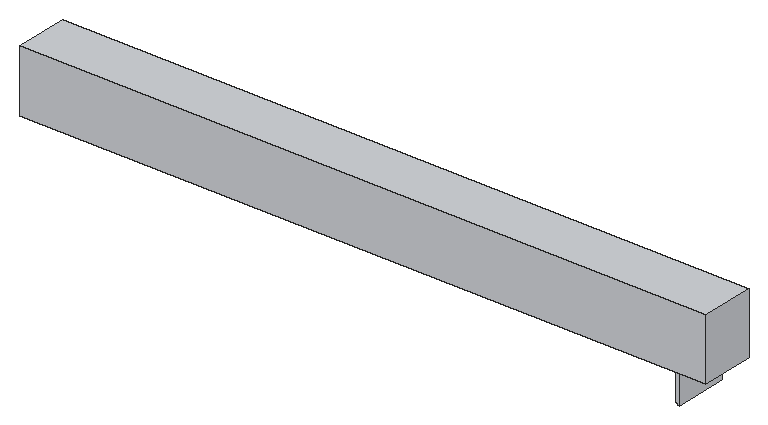
Revit family "Перемычки_ПБ", category Каркас несущий, Revit 2021
Family settings
  Форма сечения = Не задано
  Материал для поведения модели = Прочее
  Всегда экспортировать в виде геометрии = Нет
  Номер OmniClass = 23.25.30.21.14
  Заголовок OmniClass = Trussed Beams and Joists
  На основе рабочей плоскости = Нет
  Всегда вертикально = Да
  При загрузке вырезать с полостями = Да
  Условное обозначение = Из семейства
  Общий = Нет
  Показывать семейство разрезанным на планах = Да
Parameters (values of type "test")
  Отступ от 6 до 7 = 130 mm
  Отступ от 5 до 6 = 130 mm
  Отступ от 4 до 5 = 130 mm
  Отступ от 3 до 4 = 130 mm
  Structural Material [instance] = (empty or 0)
  Длина перемычки = 1350 mm
  Длина опорного уголка = 120 mm
  Опорный уголок = Перемычки_Уголок_Опора (ГОСТ 8509-93) : 100х100х8
  Опорный уголок справа = yes
  Опорный уголок слева = no
  Смещение ПР1 по высоте = 0 mm
  Отступ от края уголка = 0 mm
  Отступ от 2 до 3 = 130 mm
  Отступ от 1 до 2 = 130 mm
  Линия обозначения.Отступ = Отступ от 1 до 2 * Количество перемычек - 10 mm  # 120 mm
  Отступ до 1 = 50 mm
  Количество перемычек = 1
  Группа модели = "Перемычки"  # constant formula
  Глубина видимости от низа перемычки вверх [instance] = 405 mm
  Глубина видимости от низа перемычки [instance] = 405 mm
  7ПР.Видимость = Количество перемычек > 6  # no
  7ПР = Перемычки (ГОСТ 948-2016) : 3ПБ 18-37-П
  6ПР.Видимость = Количество перемычек > 5  # no
  6ПР = Перемычки (ГОСТ 948-2016) : 3ПБ 13-37-П
  5ПР.Видимость = Количество перемычек > 4  # no
  5ПР = Перемычки (ГОСТ 948-2016) : 2ПБ 16-2-П
  4ПР.Видимость = Количество перемычек > 3  # no
  4ПР = Перемычки (ГОСТ 948-2016) : 2ПБ 13-1-П
  3ПР.Видимость = Количество перемычек > 2  # no
  3ПР = Перемычки (ГОСТ 948-2016) : 2ПБ 16-2-П
  2ПР.Видимость = Количество перемычек > 1  # no
  2ПР = Перемычки (ГОСТ 948-2016) : 2ПБ 16-2-П
  1ПР.Видимость = Количество перемычек > 0  # yes
  1ПР = Перемычки (ГОСТ 948-2016) : 2ПБ 16-2-П
Reference planes
  plane 1 "По центру (Вперед/Назад)": y = 0
  plane 2: z = 0
  plane 3 "По центру (Влево/Вправо)": x = 0
  plane 4: y = -180
  plane 5: y = -310
  plane 6: y = -440
  plane 7: y = -570
  plane 8: y = -700
  plane 9: y = -830
  plane 10: z = -405
  plane 11: y = -50
  plane 12: x = -675
  plane 13: x = 675
  plane 14: y = -50
  plane 15: y = -159.676
  plane 16 "У.о.": y = -430
  plane 17: z = 405
Lines and regions (mm)
  model lines, style "InvisibleLines"
    curve 1: line (0, 0, 0) -> (0, 0, -405)
    curve 3: line (0, 0, 0) -> (0, 0, 405)
  symbolic lines, style "Перемычки"
    curve 2: line (-675, -120, 0) -> (675, -120, 0)
Dimensions and locks
  "Глубина видимости от низа перемычки": plane 2 to plane 10
  "Отступ до 1": plane 1 "По центру (Вперед/Назад)" to plane 11
  "Отступ от 1 до 2": plane 11 to plane 4
  "Отступ от 2 до 3": plane 4 to plane 5
  plane 5 to plane 6 = 130 mm
  plane 6 to plane 7 = 130 mm
  plane 7 to plane 8 = 130 mm
  plane 8 to plane 9 = 130 mm
  equal spacing: plane 13, plane 3 "По центру (Влево/Вправо)", plane 12
  "Длина перемычки": plane 13 to plane 12
  "Отступ от края уголка": plane 14 to plane 11
  "Отступ от 3 до 4": plane 6 to plane 5
  "Отступ от 4 до 5": plane 7 to plane 6
  "Отступ от 5 до 6": plane 8 to plane 7
  "Отступ от 6 до 7": plane 9 to plane 8
  "Линия обозначения.Отступ": curve 2 to plane 1 "По центру (Вперед/Назад)"
  "Глубина видимости от низа перемычки вверх": plane 17 to plane 2
  aligned and locked: plane 2 to level
  aligned and locked: plane 3 "По центру (Влево/Вправо)" to nested 1
  aligned and locked: plane 10 to curve 1
  aligned and locked: plane 3 "По центру (Влево/Вправо)" to nested 2
  aligned and locked: plane 3 "По центру (Влево/Вправо)" to nested 3
  aligned and locked: nested 4 to plane 13
  aligned and locked: level to nested 4
  aligned and locked: plane 12 to nested 5
  aligned and locked: nested 5 to level
  aligned and locked: nested 5 to plane 1 "По центру (Вперед/Назад)"
  aligned and locked: plane 1 "По центру (Вперед/Назад)" to nested 4
  aligned and locked: plane 3 "По центру (Влево/Вправо)" to nested 6
  aligned and locked: nested 6 to plane 6
  aligned and locked: plane 3 "По центру (Влево/Вправо)" to nested 7
  aligned and locked: plane 3 "По центру (Влево/Вправо)" to nested 8
  aligned and locked: nested 8 to plane 8
  aligned and locked: plane 3 "По центру (Влево/Вправо)" to nested 9
  aligned and locked: nested 9 to plane 9
  aligned and locked: nested 7 to plane 7
  aligned and locked: plane 14 to nested 3
  aligned and locked: nested 1 to plane 4
  aligned and locked: nested 2 to plane 5
  aligned and locked: plane 13 to curve 2
  aligned and locked: plane 1 "По центру (Вперед/Назад)" to curve 3
  aligned and locked: plane 2 to curve 3
  aligned and locked: plane 17 to curve 3
Automatic sketch dimensions
  curve 2 to plane 12 = 0 mm
Nested families
  nested 1: "Перемычки (ГОСТ 948-2016)" at (0, -180, 0), type <- "2ПР", visible <- "2ПР.Видимость", type "2ПБ 16-2-П"
  nested 2: "Перемычки (ГОСТ 948-2016)" at (0, -310, 0), type <- "3ПР", visible <- "3ПР.Видимость", type "2ПБ 16-2-П"
  nested 3: "Перемычки (ГОСТ 948-2016)" at (0, -50, 0), type <- "1ПР", visible <- "1ПР.Видимость", type "2ПБ 16-2-П"
  nested 4: "Перемычки_Уголок_Опора (ГОСТ 8509-93)" at (675, -60, -10.4) x (0, -1, 0) z (-1, 0, 0), visible <- "Опорный уголок справа", О_Длина <- "Длина опорного уголка", type <- "Опорный уголок", type "100х100х8", detail levels fine
    with О_Масса 1.47 kg, О_Длина 120 mm, ADSK_Размер_Длина 120 mm
  nested 5: "Перемычки_Уголок_Опора (ГОСТ 8509-93)" at (-675, -60, -10.4) x (0, -1, 0) z (1, 0, 0), visible <- "Опорный уголок слева", О_Длина <- "Длина опорного уголка", type <- "Опорный уголок", type "100х100х8", detail levels fine
    with О_Масса 1.47 kg, О_Длина 120 mm, ADSK_Размер_Длина 120 mm
  nested 6: "Перемычки (ГОСТ 948-2016)" at (0, -440, 0), type <- "4ПР", visible <- "4ПР.Видимость", type "2ПБ 13-1-П"
  nested 7: "Перемычки (ГОСТ 948-2016)" at (0, -570, 0), type <- "5ПР", visible <- "5ПР.Видимость", type "2ПБ 16-2-П"
  nested 8: "Перемычки (ГОСТ 948-2016)" at (0, -700, 0), type <- "6ПР", visible <- "6ПР.Видимость", type "3ПБ 13-37-П"
  nested 9: "Перемычки (ГОСТ 948-2016)" at (0, -830, 0), type <- "7ПР", visible <- "7ПР.Видимость", type "3ПБ 18-37-П"
Definition of nested family "Перемычки (ГОСТ 948-2016)"
  Parameters (values of type "2ПБ 16-2-П")
    Ширина = 120 mm
    Description = ""
    О_Примечание = ""
    О_Обозначение = "ГОСТ 948-2016"  # constant formula
    О_Наименование = "2ПБ 16-2-П"
    О_Масса = 65.00 kg
    Structural Material [instance] = none
    Type Comments = ""
    Длина = 1550 mm
    Model = "Элементы перемычек"  # constant formula
    Высота = 140 mm
  Types (89, lengths in mm): name | Ширина | О_Наименование | О_Масса | Длина | Высота
    1ПБ 10-1 | 120 | "1ПБ 10-1" | 20.00 kg | 1030 | 65
    3ПБ 18-37-П | 120 | "3ПБ 18-37-П" | 119.00 kg | 1810 | 220
    3ПБ 13-37-П | 120 | "3ПБ 13-37-П" | 85.00 kg | 1290 | 220
    2ПБ 16-2-П | 120 | "2ПБ 16-2-П" | 65.00 kg | 1550 | 140
    2ПБ 13-1-П | 120 | "2ПБ 13-1-П" | 54.00 kg | 1290 | 140
    1ПБ 16-1 | 120 | "1ПБ 16-1" | 30.00 kg | 1550 | 65
    1ПБ 13-1 | 120 | "1ПБ 13-1" | 25.00 kg | 1290 | 65
    2ПБ 10-1 | 120 | "2ПБ 10-1" | 43.00 kg | 1030 | 140
    2ПБ 10-1-П | 120 | "2ПБ 10-1-П" | 43.00 kg | 1030 | 140
    2ПБ 13-1 | 120 | "2ПБ 13-1" | 54.00 kg | 1290 | 140
    2ПБ 16-2 | 120 | "2ПБ 16-2" | 65.00 kg | 1550 | 140
    2ПБ 17-2 | 120 | "2ПБ 17-2" | 71.00 kg | 1680 | 140
    2ПБ 17-2-П | 120 | "2ПБ 17-2-П" | 71.00 kg | 1680 | 140
    2ПБ 19-3 | 120 | "2ПБ 19-3" | 81.00 kg | 1940 | 140
    2ПБ 19-3-П | 120 | "2ПБ 19-3-П" | 81.00 kg | 1940 | 140
    2ПБ 22-3 | 120 | "2ПБ 22-3" | 92.00 kg | 2200 | 140
    2ПБ 22-3-П | 120 | "2ПБ 22-3-П" | 92.00 kg | 2200 | 140
    2ПБ 25-3 | 120 | "2ПБ 25-3" | 103.00 kg | 2460 | 140
    2ПБ 25-3-П | 120 | "2ПБ 25-3-П" | 103.00 kg | 2460 | 140
    2ПБ 26-4 | 120 | "2ПБ 26-4" | 109.00 kg | 2590 | 140
    2ПБ 26-4-П | 120 | "2ПБ 26-4-П" | 109.00 kg | 2590 | 140
    2ПБ 29-4 | 120 | "2ПБ 29-4" | 120.00 kg | 2850 | 140
    2ПБ 29-4-П | 120 | "2ПБ 29-4-П" | 120.00 kg | 2850 | 140
    2ПБ 30-4 | 120 | "2ПБ 30-4" | 125.00 kg | 2980 | 140
    2ПБ 30-4-П | 120 | "2ПБ 30-4-П" | 125.00 kg | 2980 | 140
    3ПБ 13-37 | 120 | "3ПБ 13-37" | 85.00 kg | 1290 | 220
    3ПБ 16-37 | 120 | "3ПБ 16-37" | 102.00 kg | 1550 | 220
    3ПБ 16-37-П | 120 | "3ПБ 16-37-П" | 102.00 kg | 1550 | 220
    3ПБ 18-37 | 120 | "3ПБ 18-37" | 119.00 kg | 1810 | 220
    3ПБ 18-8 | 120 | "3ПБ 18-8" | 119.00 kg | 1810 | 220
    3ПБ 18-8-П | 120 | "3ПБ 18-8-П" | 119.00 kg | 1810 | 220
    3ПБ 21-8 | 120 | "3ПБ 21-8" | 137.00 kg | 2070 | 220
    3ПБ 21-8-П | 120 | "3ПБ 21-8-П" | 137.00 kg | 2070 | 220
    3ПБ 25-8 | 120 | "3ПБ 25-8" | 162.00 kg | 2460 | 220
    3ПБ 25-8-П | 120 | "3ПБ 25-8-П" | 162.00 kg | 2460 | 220
    3ПБ 27-8 | 120 | "3ПБ 27-8" | 180.00 kg | 2720 | 220
    3ПБ 27-8-П | 120 | "3ПБ 27-8-П" | 180.00 kg | 2720 | 220
    3ПБ 30-8 | 120 | "3ПБ 30-8" | 197.00 kg | 2980 | 220
    3ПБ 30-8-П | 120 | "3ПБ 30-8-П" | 197.00 kg | 2980 | 220
    3ПБ 34-4 | 120 | "3ПБ 34-4" | 222.00 kg | 3370 | 220
    3ПБ 34-4-П | 120 | "3ПБ 34-4-П" | 222.00 kg | 3370 | 220
    3ПБ 36-4 | 120 | "3ПБ 36-4" | 240.00 kg | 3630 | 220
    3ПБ 36-4-П | 120 | "3ПБ 36-4-П" | 240.00 kg | 3630 | 220
    3ПБ 39-8 | 120 | "3ПБ 39-8" | 257.00 kg | 3890 | 220
    3ПБ 39-8-П | 120 | "3ПБ 39-8-П" | 257.00 kg | 3890 | 220
    4ПБ 30-4 | 120 | "4ПБ 30-4" | 259.00 kg | 2980 | 290
    4ПБ 30-4-П | 120 | "4ПБ 30-4-П" | 259.00 kg | 2980 | 290
    4ПБ 44-8 | 120 | "4ПБ 44-8" | 385.00 kg | 4410 | 290
    4ПБ 44-8-П | 120 | "4ПБ 44-8-П" | 385.00 kg | 4410 | 290
    4ПБ 48-8 | 120 | "4ПБ 48-8" | 418.00 kg | 4800 | 290
    4ПБ 48-8-П | 120 | "4ПБ 48-8-П" | 418.00 kg | 4800 | 290
    4ПБ 60-8 | 120 | "4ПБ 60-8" | 519.00 kg | 5960 | 290
    4ПБ 60-8-П | 120 | "4ПБ 60-8-П" | 519.00 kg | 5960 | 290
    5ПБ 18-27 | 250 | "5ПБ 18-27" | 250.00 kg | 1810 | 220
    5ПБ 18-27-П | 250 | "5ПБ 18-27-П" | 250.00 kg | 1810 | 220
    5ПБ 21-27 | 250 | "5ПБ 21-27" | 285.00 kg | 2070 | 220
    5ПБ 21-27-П | 250 | "5ПБ 21-27-П" | 285.00 kg | 2070 | 220
    5ПБ 21-27-А | 250 | "5ПБ 21-27-А" | 285.00 kg | 2070 | 220
    5ПБ 21-27-АП | 250 | "5ПБ 21-27-АП" | 285.00 kg | 2070 | 220
    5ПБ 25-27 | 250 | "5ПБ 25-27" | 338.00 kg | 2460 | 220
    5ПБ 25-27-П | 250 | "5ПБ 25-27-П" | 338.00 kg | 2460 | 220
    5ПБ 25-27-А | 250 | "5ПБ 25-27-А" | 338.00 kg | 2460 | 220
    5ПБ 25-27-АП | 250 | "5ПБ 25-27-АП" | 338.00 kg | 2460 | 220
    5ПБ 27-27 | 250 | "5ПБ 27-27" | 375.00 kg | 2720 | 220
    5ПБ 27-27-П | 250 | "5ПБ 27-27-П" | 375.00 kg | 2720 | 220
    5ПБ 27-27-А | 250 | "5ПБ 27-27-А" | 375.00 kg | 2720 | 220
    5ПБ 27-27-АП | 250 | "5ПБ 27-27-АП" | 375.00 kg | 2720 | 220
    5ПБ 30-27 | 250 | "5ПБ 30-27" | 410.00 kg | 2980 | 220
    5ПБ 30-27-П | 250 | "5ПБ 30-27-П" | 410.00 kg | 2980 | 220
    5ПБ 30-27-А | 250 | "5ПБ 30-27-А" | 410.00 kg | 2980 | 220
    5ПБ 30-27-АП | 250 | "5ПБ 30-27-АП" | 410.00 kg | 2980 | 220
    5ПБ 31-27 | 250 | "5ПБ 31-27" | 428.00 kg | 3110 | 220
    5ПБ 31-27-П | 250 | "5ПБ 31-27-П" | 428.00 kg | 3110 | 220
    5ПБ 25-37 | 250 | "5ПБ 25-37" | 338.00 kg | 2460 | 220
    5ПБ 25-37-П | 250 | "5ПБ 25-37-П" | 338.00 kg | 2460 | 220
    5ПБ 27-37 | 250 | "5ПБ 27-37" | 375.00 kg | 2720 | 220
    5ПБ 27-37-П | 250 | "5ПБ 27-37-П" | 375.00 kg | 2720 | 220
    5ПБ 30-37 | 250 | "5ПБ 30-37" | 410.00 kg | 2980 | 220
    5ПБ 30-37-П | 250 | "5ПБ 30-37-П" | 410.00 kg | 2980 | 220
    5ПБ 34-20 | 250 | "5ПБ 34-20" | 463.00 kg | 3370 | 220
    5ПБ 34-20-П | 250 | "5ПБ 34-20-П" | 463.00 kg | 3370 | 220
    5ПБ 36-20 | 250 | "5ПБ 36-20" | 500.00 kg | 3630 | 220
    5ПБ 36-20-П | 250 | "5ПБ 36-20-П" | 500.00 kg | 3630 | 220
    6ПБ 35-37 | 250 | "6ПБ 35-37-П" | 634.00 kg | 3500 | 290
    7ПБ 60-52 | 250 | "7ПБ 60-52" | 2175.00 kg | 5950 | 585
    3ПБ 17-37-П | 120 | "3ПБ 17-37-П" | 116.00 kg | 1750 | 220
    3ПБ 19-37-П | 120 | "3ПБ 19-37-П" | 129.00 kg | 1950 | 220
    3ПБ 15-37-П | 120 | "3ПБ 15-37-П" | 96.00 kg | 1450 | 220
    2ПБ 18-2-П | 120 | "2ПБ 18-2-П" | 75.00 kg | 1800 | 140
  Reference planes
    plane 1 "По центру (Вперед/Назад)": y = 0
    plane 2: z = 0
    plane 3 "По центру (Влево/Вправо)": x = 0
    plane 4: x = -775
    plane 5: x = 775
    plane 6: y = -120
    plane 7: z = 140
  Forms (mm)
    Extrusion 1, solid, material <- "Structural Material"
      sketch origin (0, 0, 0) x (1, 0, 0) y (0, 1, 0)
        loop
          line (-775, 0) -> (-775, -120) -> (775, -120) -> (775, 0) -> (-775, 0)
      from 0 to 140
    Extrusion 2, void
      sketch origin (0, 0, 0) x (0, 1, 0) y (0, 0, 1)
        loop
          line (0, 140) -> (-120, 140) -> (-120, 0) -> (0, 0) -> (0, 140)
      from -775 to 775
  Dimensions and locks
    equal spacing: plane 4, plane 3 "По центру (Влево/Вправо)", plane 5
    "Длина": plane 4 to plane 5
    "Ширина": plane 6 to plane 1 "По центру (Вперед/Назад)"
    "Высота": plane 7 to level
    aligned and locked: plane 2 to level
    aligned and locked: plane 7 to Extrusion 1
    aligned and locked: plane 1 "По центру (Вперед/Назад)" to nested 1
    aligned and locked: Extrusion 1 to plane 1 "По центру (Вперед/Назад)"  (x2)
    aligned and locked: Extrusion 1 to plane 6  (x3)
    aligned and locked: plane 5 to Extrusion 1  (x3)
    aligned and locked: Extrusion 1 to plane 4  (x2)
    aligned and locked: Extrusion 1 to plane 7  (x4)
    aligned and locked: Extrusion 1 to plane 2
    aligned and locked: plane 1 "По центру (Вперед/Назад)" to Extrusion 1  (x2)
    aligned and locked: plane 6 to Extrusion 1
    aligned and locked: plane 2 to Extrusion 1  (x3)
    aligned and locked: plane 4 to Extrusion 1
    aligned and locked: nested 2 to nested 1
    aligned and locked: plane 7 to nested 1
    aligned and locked: nested 1 to plane 6
    aligned and locked: nested 1 to plane 2
    aligned and locked: nested 1 to plane 1 "По центру (Вперед/Назад)"
    aligned and locked: plane 7 to nested 2
    aligned and locked: nested 2 to plane 6
    aligned and locked: plane 1 "По центру (Вперед/Назад)" to nested 2
    aligned and locked: nested 2 to plane 2
    aligned and locked: Extrusion 2 sketch curve to nested 2
    aligned and locked: Extrusion 2 sketch curve to Extrusion 1  (x3)
    aligned and locked: Extrusion 2 to plane 4
    aligned and locked: plane 5 to Extrusion 2
  Automatic sketch dimensions
    Extrusion 1 sketch curve to plane 4 = 0 mm
    Extrusion 1 sketch curve to plane 5 = 0 mm
    Extrusion 1 sketch curve to plane 6 = 0 mm
    Extrusion 1 sketch curve to plane 1 "По центру (Вперед/Назад)" = 0 mm
  Nested families
    nested 1: "Белый прямоугольник - Элементы узлов" at (0, -60, 140) x (0, -1, 0) z (1, 0, 0), type "Тонкие линии", detail levels coarse
      with b 120 mm, a 140 mm, Тонкие линии yes, Невидимые линии no
    nested 2: "Бетон - Прямоугольник - Элементы узлов" at (0, -60, 140) x (0, -1, 0) z (1, 0, 0), type "Тонкие линии", detail levels medium+fine
      with b 120 mm, a 140 mm
  Definition of nested family "Белый прямоугольник - Элементы узлов"
    Parameters
      Утолщенные линиии = no
      Тонкие линии = no
      Невидимые линии = yes
      b [instance] = 370 mm
      a [instance] = 350 mm
    Reference planes
      plane 1 "По центру (Вперед/Назад)": y = 0
      plane 2: z = 0
      plane 3 "По центру (Влево/Вправо)": x = 0
      plane 4: x = -185
      plane 5: x = 185
      plane 6: y = 350
    Lines and regions (mm)
      Filled region 1, type "Сплошная заливка - Белый", in view "Опорный уровень", visible <- "Утолщенные линиии"
        outline origin (0, 0, 0) x (1, 0, 0) y (0, 1, 0)
          loop
            line (-185, 350) -> (-185, 0) -> (185, 0) -> (185, 350) -> (-185, 350)
      Filled region 2, type "Сплошная заливка - Белый", in view "Опорный уровень", visible <- "Тонкие линии"
        outline origin (65, -60, 0) x (1, 0, 0) y (0, 1, 0)
          loop
            line (-250, 410) -> (-250, 60) -> (120, 60) -> (120, 410) -> (-250, 410)
      Filled region 3, type "Сплошная заливка - Белый", in view "Опорный уровень", visible <- "Невидимые линии"
        outline origin (251.408, -282.153, 0) x (1, 0, 0) y (0, 1, 0)
          loop
            line (-436.408, 632.153) -> (-436.408, 282.153) -> (-66.408, 282.153) -> (-66.408, 632.153) -> (-436.408, 632.153)
    Dimensions and locks
      equal spacing: plane 4, plane 3 "По центру (Влево/Вправо)", plane 5
      "a": plane 1 "По центру (Вперед/Назад)" to plane 6
      "b": plane 4 to plane 5
      aligned and locked: Filled region 2 to plane 4
      aligned and locked: plane 5 to Filled region 2
      aligned and locked: plane 1 "По центру (Вперед/Назад)" to Filled region 2
      aligned and locked: plane 6 to Filled region 2
      aligned and locked: plane 6 to Filled region 3
      aligned and locked: plane 1 "По центру (Вперед/Назад)" to Filled region 3
      aligned and locked: Filled region 3 to plane 4
      aligned and locked: plane 5 to Filled region 3
    Automatic sketch dimensions
      plane 1 "По центру (Вперед/Назад)" to Filled region 1 sketch curve = 0 mm
      Filled region 1 sketch curve to plane 4 = 0 mm
      Filled region 1 sketch curve to plane 5 = 0 mm
      Filled region 1 sketch curve to plane 6 = 0 mm
      plane 1 "По центру (Вперед/Назад)" to Filled region 2 sketch curve = 0 mm
      Filled region 2 sketch curve to plane 4 = 0 mm
      Filled region 2 sketch curve to plane 5 = 0 mm
      Filled region 2 sketch curve to plane 6 = 0 mm
      Filled region 3 sketch curve to plane 3 "По центру (Влево/Вправо)" = 185 mm
      plane 5 to Filled region 3 sketch curve = 0 mm
      plane 1 "По центру (Вперед/Назад)" to Filled region 3 sketch curve = 0 mm
      Filled region 3 sketch curve to plane 1 "По центру (Вперед/Назад)" = 350 mm
  Definition of nested family "Бетон - Прямоугольник - Элементы узлов"
    Parameters (values of type "Тонкие линии")
      Утолщенные линиии = no
      Тонкие линии = yes
      Невидимые линии = no
      b [instance] = 370 mm
      a [instance] = 350 mm
    Types (2, lengths in mm): name | Утолщенные линиии | Тонкие линии
      Тонкие линии | no | yes
      Утолщенные линиии | yes | no
    Reference planes
      plane 1 "По центру (Вперед/Назад)": y = 0
      plane 2: z = 0
      plane 3 "По центру (Влево/Вправо)": x = 0
      plane 4: x = -185
      plane 5: x = 185
      plane 6: y = 350
    Lines and regions (mm)
      Filled region 1, type "Бетонный блок", in view "Опорный уровень", visible <- "Утолщенные линиии"
        outline origin (0, 0, 0) x (1, 0, 0) y (0, 1, 0)
          loop
            line (-185, 350) -> (-185, 0) -> (185, 0) -> (185, 350) -> (-185, 350)
      Filled region 2, type "Бетонный блок", in view "Опорный уровень", visible <- "Тонкие линии"
        outline origin (65, -60, 0) x (1, 0, 0) y (0, 1, 0)
          loop
            line (-250, 410) -> (-250, 60) -> (120, 60) -> (120, 410) -> (-250, 410)
      Filled region 3, type "Бетонный блок", in view "Опорный уровень", visible <- "Невидимые линии"
        outline origin (251.408, -282.153, 0) x (1, 0, 0) y (0, 1, 0)
          loop
            line (-436.408, 632.153) -> (-436.408, 282.153) -> (-66.408, 282.153) -> (-66.408, 632.153) -> (-436.408, 632.153)
    Dimensions and locks
      equal spacing: plane 4, plane 3 "По центру (Влево/Вправо)", plane 5
      "a": plane 1 "По центру (Вперед/Назад)" to plane 6
      "b": plane 4 to plane 5
      aligned and locked: Filled region 2 to plane 4
      aligned and locked: plane 5 to Filled region 2
      aligned and locked: plane 1 "По центру (Вперед/Назад)" to Filled region 2
      aligned and locked: plane 6 to Filled region 2
      aligned and locked: plane 6 to Filled region 3
      aligned and locked: plane 1 "По центру (Вперед/Назад)" to Filled region 3
      aligned and locked: Filled region 3 to plane 4
      aligned and locked: plane 5 to Filled region 3
    Automatic sketch dimensions
      plane 1 "По центру (Вперед/Назад)" to Filled region 1 sketch curve = 0 mm
      Filled region 1 sketch curve to plane 4 = 0 mm
      Filled region 1 sketch curve to plane 5 = 0 mm
      Filled region 1 sketch curve to plane 6 = 0 mm
      plane 1 "По центру (Вперед/Назад)" to Filled region 2 sketch curve = 0 mm
      Filled region 2 sketch curve to plane 4 = 0 mm
      Filled region 2 sketch curve to plane 5 = 0 mm
      Filled region 2 sketch curve to plane 6 = 0 mm
      Filled region 3 sketch curve to plane 3 "По центру (Влево/Вправо)" = 185 mm
      plane 5 to Filled region 3 sketch curve = 0 mm
      plane 1 "По центру (Вперед/Назад)" to Filled region 3 sketch curve = 0 mm
      Filled region 3 sketch curve to plane 1 "По центру (Вперед/Назад)" = 350 mm
Definition of nested family "Перемычки_Уголок_Опора (ГОСТ 8509-93)"
  Parameters (values of type "100х100х10")
    Ширина полки = 100 mm
    Толщина стенки = 10 mm
    Default Elevation = 1219.2 mm
    Description = "Уголок 100х100х10"
    О_Обозначение = "ГОСТ 8509-93"  # constant formula
    О_Наименование = "100х100х10 ГОСТ 8509-93"
    О_Масса [instance] = О_Длина * Масса 1 м профиля  # 15.10 kg
    О_Длина [instance] = 1000 mm
    Масса 1 м профиля = 15.10 kg/m
    Type Comments = "Уголок"  # constant formula
    Model = "Металлическая опора для перемычки"  # constant formula
    ADSK_Размер_Длина [instance] = О_Длина  # 1000 mm
  Types (16, lengths in mm): name | Ширина полки | Толщина стенки | Description | О_Наименование | О_Масса | Масса 1 м профиля
    100х100х10 | 100 | 10 | "Уголок 100х100х10" | "100х100х10 ГОСТ 8509-93" | 15.10 kg | 15.10 kg/m
    100х100х6.5 | 100 | 6.5 | "Уголок 100х100х6.5" | "100х100х6.5 ГОСТ 8509-93" | 10.06 kg | 10.06 kg/m
    100х100х7 | 100 | 7 | "Уголок 100х100х7" | "100х100х7 ГОСТ 8509-93" | 10.79 kg | 10.79 kg/m
    100х100х8 | 100 | 8 | "Уголок 100х100х8" | "100х100х8 ГОСТ 8509-93" | 12.25 kg | 12.25 kg/m
    100х100х12 | 100 | 12 | "Уголок 100х100х12" | "100х100х12 ГОСТ 8509-93" | 17.90 kg | 17.90 kg/m
    100х100х14 | 100 | 14 | "Уголок 100х100х14" | "100х100х14 ГОСТ 8509-93" | 20.63 kg | 20.63 kg/m
    100х100х16 | 100 | 16 | "Уголок 100х100х16" | "100х100х16 ГОСТ 8509-93" | 23.30 kg | 23.30 kg/m
    75х75х5 | 75 | 5 | "Уголок 75х75х5" | "75х75х5 ГОСТ 8509-93" | 5.80 kg | 5.80 kg/m
    75х75х6 | 75 | 6 | "Уголок 75х75х6" | "75х75х6 ГОСТ 8509-93" | 6.89 kg | 6.89 kg/m
    75х75х7 | 75 | 7 | "Уголок 75х75х7" | "75х75х7 ГОСТ 8509-93" | 7.96 kg | 7.96 kg/m
    75х75х8 | 75 | 8 | "Уголок 75х75х8" | "75х75х8 ГОСТ 8509-93" | 9.02 kg | 9.02 kg/m
    75х75х9 | 75 | 9 | "Уголок 75х75х9" | "75х75х9 ГОСТ 8509-93" | 10.07 kg | 10.07 kg/m
    80х80х5.5 | 80 | 5.5 | "Уголок 80х80х5.5" | "80х80х5.5 ГОСТ 8509-93" | 6.78 kg | 6.78 kg/m
    80х80х6 | 80 | 6 | "Уголок 80х80х6" | "80х80х6 ГОСТ 8509-93" | 7.36 kg | 7.36 kg/m
    80х80х7 | 80 | 7 | "Уголок 80х80х7" | "80х80х7 ГОСТ 8509-93" | 8.51 kg | 8.51 kg/m
    80х80х8 | 80 | 8 | "Уголок 80х80х8" | "80х80х8 ГОСТ 8509-93" | 9.65 kg | 9.65 kg/m
  Reference planes
    plane 1 "По центру (Вперед/Назад)": y = 0
    plane 2: z = 0
    plane 3 "По центру (Влево/Вправо)": x = 0
    plane 4: x = -500
    plane 5: x = 500
    plane 6: z = 100
  Forms (mm)
    Sweep 1, solid
      path origin (775.944, 87, 0) x (-1, 0, 0) y (0, -1, 0)
        loop
          line (275.944, 13) -> (1275.944, 13)
      profile "Профиль_Уголок (ГОСТ 8509-93) : Уголок (ГОСТ 8509-93)-Профиль-Высокий" origin (0, 74, 0) x (0, -1, 0) y (0, 0, 1)
        loop
          line (61, 100) -> (61, 0) -> (161, 0)
          arc (161, 0) -> (158.071, 7.071) -> (151, 10) r 10
          line (151, 10) -> (87.667, 10)
          arc (87.667, 10) -> (75.882, 14.882) -> (71, 26.667) r 16.667
          line (71, 26.667) -> (71, 90)
          arc (71, 90) -> (68.071, 97.071) -> (61, 100) r 10
  Dimensions and locks
    equal spacing: plane 4, plane 3 "По центру (Влево/Вправо)", plane 5
    "О_Длина": plane 4 to plane 5
    "Ширина полки": plane 6 to level
    aligned and locked: plane 2 to level
    aligned and locked: Sweep 1 to plane 4
    aligned and locked: Sweep 1 to plane 5
  Automatic sketch dimensions
    Sweep 1 sketch curve to plane 5 = 0 mm
    Sweep 1 sketch curve to plane 4 = 0 mm
    Sweep 1 sketch curve to plane 1 "По центру (Вперед/Назад)" = 74 mm
